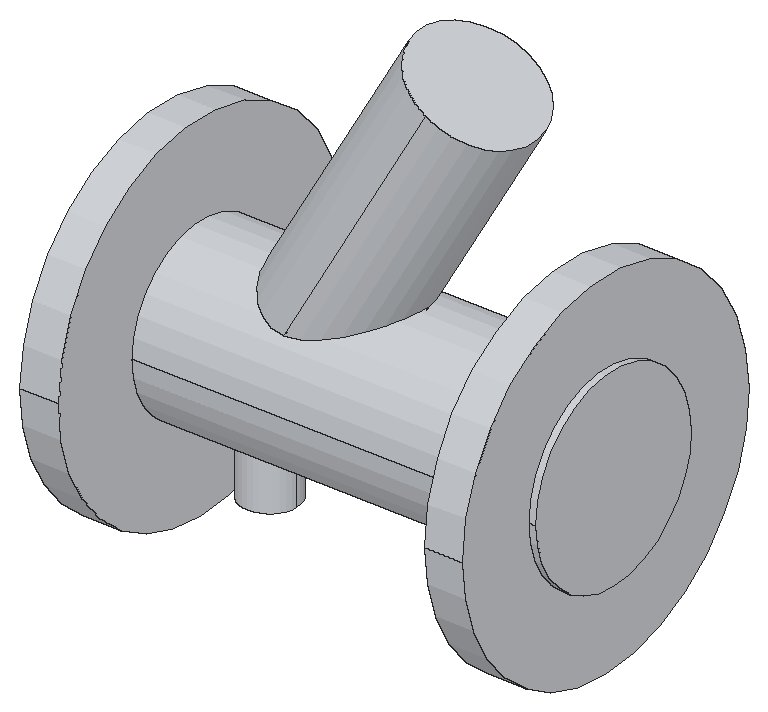
Revit family "HS 821-síto_standard-PN25-DN032-RFA_2019", category Pipe Accessories, Revit 2019
Family settings
  Round Connector Dimension = Use Diameter
  Part Type = Breaks Into
  Work Plane-Based = No
  Always vertical = Yes
  Cut with Voids When Loaded = No
  Shared = No
Parameters (values of type "821D-DN032-PN25-síto_standard")
  magiProductId = "6be9a55c4e68400f94eec7e804204c"
  magiProductFamilyId = "79214ac3aaa945e397802f559f5c1e"
  magiPartTypeId = 307
  isMeasuringValve [instance] = no
  ang2D [instance] = 0.00°
  ZB__ve = -ZB  # -23 mm
  ZB1 = 30.78 mm
  ZB = 23 mm
  X2 = 68.849 mm
  X1 = 25.2 mm
  W2D = 15 mm
  VersionID = "2.0/2017.9.26.1/ZETKAMA_821_001"
  Use Minimum Symbol Size [instance] = yes
  URL = "www.hydronic.cz"
  Type Comments = "Filtr přírubový; síto standardní; A-PN16 (-10~300°C); D-PN25 (-10~350°C); F-PN40 (-10~400°C)"
  S = 76 mm
  QmdConnectorList = "301;D;302;D"
  Productdata [instance] = ""
  Manufacturer = "Hydronic Systems Prague s.r.o."
  MC Product Code = "200 232 (821D; DN032; PN25; kvs23,7; oko síta 1,00mm)"
  LM1 = 14.4 mm
  LM = 144 mm
  L4 = 45 mm
  L2D_Min = 3048 mm
  L2D = 130 mm
  L2 = 90 mm
  HH2 = 119.25 mm
  FD = 140 mm
  Description = "Filtr přírubový; síto standardní; 821A-PN16; 821D-PN25; 821F-PN40"
  DM1 = 50.4 mm
  DM = 68.4 mm
  D = 32 mm
  CC = 3.06 mm
  CAT0 = yes
  C1 = 14.94 mm
  C = 18 mm
  BD = 21.546 mm
Types (40, lengths in mm): name | magiProductId | ZB__ve | ZB1 | ZB | X2 | X1 | S | MC Product Code | LM1 | LM | L4 | L2 | HH2 | FD | DM1 | DM | D | CC | C1 | C | BD
  821A-DN015-PN16-síto_standard | "a71bcfe8b393460598b23e8ddf7dc5" | -16.25 | 18.63 | 16.25 | 46.982 | 18.2 | 46 | "200 115 (821A; DN015; PN16; kvs6,3; oko síta 1,00mm)" | 10.4 | 104 | 32.5 | 65 | 81.375 | 95 | 27.6 | 41.4 | 15 | 2.21 | 10.79 | 13 | 13.041
  821A-DN020-PN16-síto_standard | "41cd6c7a12924f4991217528336076" | -17.75 | 22.68 | 17.75 | 51.673 | 21 | 56 | "200 120 (821A; DN020; PN16; kvs11,2; oko síta 1,00mm)" | 12 | 120 | 37.5 | 75 | 89.5 | 105 | 33.6 | 50.4 | 20 | 2.55 | 12.45 | 15 | 15.876
  821A-DN025-PN16-síto_standard | "be378b463ed14c3abf4c9b3ae8cf3a" | -19.25 | 26.325 | 19.25 | 58.601 | 22.4 | 65 | "200 125 (821A; DN025; PN16; kvs14,7; oko síta 1,00mm)" | 12.8 | 128 | 40 | 80 | 101.5 | 115 | 43.2 | 58.5 | 25 | 2.72 | 13.28 | 16 | 18.427
  821A-DN032-PN16-síto_standard | "227a0d18b21540afabe8b6067d35fa" | -23 | 30.78 | 23 | 68.849 | 25.2 | 76 | "200 132 (821A; DN032; PN16; kvs23,7; oko síta 1,00mm)" | 14.4 | 144 | 45 | 90 | 119.25 | 140 | 50.4 | 68.4 | 32 | 3.06 | 14.94 | 18 | 21.546
  821A-DN040-PN16-síto_standard | "d106917c74724141a10440112d0102" | -24.5 | 34.02 | 24.5 | 75.777 | 28 | 84 | "200 140 (821A; DN040; PN16; kvs37,7; oko síta 1,00mm)" | 16 | 160 | 50 | 100 | 131.25 | 150 | 60 | 75.6 | 40 | 3.4 | 16.6 | 20 | 23.814
  821A-DN050-PN16-síto_standard | "8255d456a09e4f6486734f5dd9171b" | -26.75 | 40.095 | 26.75 | 79.061 | 32.2 | 99 | "200 150 (821A; DN050 PN16; kvs57,9; oko síta 1,00mm)" | 18.4 | 184 | 57.5 | 115 | 136.938 | 165 | 73.8 | 89.1 | 50 | 3.91 | 19.09 | 23 | 28.066
  821A-DN065-PN16-síto_standard | "235b1b3e4c0843779a4d5e3716d40a" | -29.75 | 47.79 | 29.75 | 86.927 | 40.6 | 118 | "200 165 (821A; DN065; PN16; kvs101,5; oko síta 1,25mm)" | 23.2 | 232 | 72.5 | 145 | 150.562 | 185 | 94.2 | 106.2 | 65 | 4.93 | 24.07 | 29 | 33.453
  821A-DN080-PN16-síto_standard | "a067f7c5236348ed8c820d16df7214" | -32 | 53.46 | 32 | 104.753 | 43.4 | 132 | "200 180 (821A; DN080; PN16; kvs147,4; oko síta 1,25mm)" | 24.8 | 248 | 77.5 | 155 | 181.438 | 200 | 107.4 | 118.8 | 80 | 5.27 | 25.73 | 31 | 37.422
  821A-DN100-PN16-síto_standard | "c49a648c2747461285837d643703cd" | -35 | 63.18 | 35 | 114.857 | 49 | 156 | "200 190 (821A; DN100; PN16; kvs209,6; oko síta 1,60mm)" | 28 | 280 | 87.5 | 175 | 198.937 | 220 | 131.4 | 140.4 | 100 | 5.95 | 29.05 | 35 | 44.226
  821A-DN125-PN16-síto_standard | "bf68e728a163493cbd2a663b26ebdc" | -39.5 | 74.52 | 39.5 | 131.888 | 56 | 184 | "200 191 (821A; DN125; PN16; kvs326,2; oko síta 1,60mm)" | 32 | 320 | 100 | 200 | 228.438 | 250 | 165 | 165.6 | 125 | 6.8 | 33.2 | 40 | 52.164
  821A-DN150-PN16-síto_standard | "2de770284b654863ae6bc865769dc5" | -44.75 | 85.455 | 44.75 | 155.885 | 67.2 | 211 | "200 192 (821A; DN150; PN16; kvs403; oko síta 1,60mm)" | 38.4 | 384 | 120 | 240 | 270 | 285 | 192 | 189.9 | 150 | 8.16 | 39.84 | 48 | 59.818
  821A-DN200-PN16-síto_standard | "8e5693371ab64aabb29a7f08c76e15" | -53 | 107.73 | 53 | 188.361 | 84 | 266 | "200 193 (821A; DN200; PN16; kvs707; oko síta 1,60mm)" | 48 | 480 | 150 | 300 | 326.25 | 340 | 252 | 239.4 | 200 | 10.2 | 49.8 | 60 | 75.411
  821A-DN250-PN16-síto_standard | "05e37ed948c34047acdd4c42556504" | -62.75 | 129.195 | 62.75 | 255.911 | 102.2 | 319 | "200 194 (821A; DN250; PN16; kvs1234; oko síta 1,60mm)" | 58.4 | 584 | 182.5 | 365 | 443.25 | 405 | 309.6 | 287.1 | 250 | 12.41 | 60.59 | 73 | 90.436
  821A-DN300-PN16-síto_standard | "9ad0af747269428da925480d83ce80" | -71 | 149.85 | 71 | 325.914 | 119 | 370 | "200 195 (821A; DN300; PN16; kvs1916; oko síta 1,60mm)" | 68 | 680 | 212.5 | 425 | 564.5 | 460 | 369.6 | 333 | 300 | 14.45 | 70.55 | 85 | 104.895
  821A-DN350-PN16-síto_standard | "eebc71459bb3451bb4355e7951370a" | -80 | 173.745 | 80 | 356.875 | 137.2 | 429 | "200 196 (821A; DN350; PN16; kvs2621; oko síta 1,60mm)" | 78.4 | 784 | 245 | 490 | 618.125 | 520 | 438 | 386.1 | 350 | 16.66 | 81.34 | 98 | 121.621
  821A-DN400-PN16-síto_standard | "d2f677cb196647e385b2590e7d8abe" | -89 | 194.4 | 89 | 392.237 | 154 | 480 | "200 197 (821A; DN400; PN16; kvs3460; oko síta 1,60mm)" | 88 | 880 | 275 | 550 | 679.375 | 580 | 498 | 432 | 400 | 18.7 | 91.3 | 110 | 136.08
  821D-DN015-PN25-síto_standard | "27ddcbf555414f8ca1fde329bf9087" | -16.25 | 18.63 | 16.25 | 46.982 | 18.2 | 46 | "200 215 (821D; DN015; PN25; kvs6,3; oko síta 1,00mm)" | 10.4 | 104 | 32.5 | 65 | 81.375 | 95 | 27.6 | 41.4 | 15 | 2.21 | 10.79 | 13 | 13.041
  821D-DN020-PN25-síto_standard | "270e0f14012f47189cd0235c18faee" | -17.75 | 22.68 | 17.75 | 51.673 | 21 | 56 | "200 220 (821D; DN020; PN25; kvs11,2; oko síta 1,00mm)" | 12 | 120 | 37.5 | 75 | 89.5 | 105 | 33.6 | 50.4 | 20 | 2.55 | 12.45 | 15 | 15.876
  821D-DN025-PN25-síto_standard | "b9a7fb4aa36643878c637d8e1ab992" | -19.25 | 26.325 | 19.25 | 58.601 | 22.4 | 65 | "200 225 (821D; DN025; PN25; kvs14,7; oko síta 1,00mm)" | 12.8 | 128 | 40 | 80 | 101.5 | 115 | 43.2 | 58.5 | 25 | 2.72 | 13.28 | 16 | 18.427
  821D-DN032-PN25-síto_standard | "6be9a55c4e68400f94eec7e804204c" | -23 | 30.78 | 23 | 68.849 | 25.2 | 76 | "200 232 (821D; DN032; PN25; kvs23,7; oko síta 1,00mm)" | 14.4 | 144 | 45 | 90 | 119.25 | 140 | 50.4 | 68.4 | 32 | 3.06 | 14.94 | 18 | 21.546
  821D-DN040-PN25-síto_standard | "c54511bd7f584ec2984291479612cb" | -24.5 | 34.02 | 24.5 | 75.777 | 28 | 84 | "200 240 (821D; DN040; PN25; kvs37,7; oko síta 1,00mm)" | 16 | 160 | 50 | 100 | 131.25 | 150 | 60 | 75.6 | 40 | 3.4 | 16.6 | 20 | 23.814
  821D-DN050-PN25-síto_standard | "5483b1f596b04cd39b23a14a22c90e" | -26.75 | 40.095 | 26.75 | 79.061 | 32.2 | 99 | "200 250 (821D; DN050; PN25; kvs57,9; oko síta 1,00mm)" | 18.4 | 184 | 57.5 | 115 | 136.938 | 165 | 73.8 | 89.1 | 50 | 3.91 | 19.09 | 23 | 28.066
  821D-DN065-PN25-síto_standard | "767b0f8318e94750bc7a9930ed5b30" | -29.75 | 47.79 | 29.75 | 86.927 | 40.6 | 118 | "200 265 (821D; DN065; PN25; kvs101,5; oko síta 1,25mm)" | 23.2 | 232 | 72.5 | 145 | 150.562 | 185 | 94.2 | 106.2 | 65 | 4.93 | 24.07 | 29 | 33.453
  821D-DN080-PN25-síto_standard | "e21040fa3cc2404b858198f6b73709" | -32 | 53.46 | 32 | 104.753 | 43.4 | 132 | "200 280 (821D; DN080; PN25; kvs147,4; oko síta 1,25mm)" | 24.8 | 248 | 77.5 | 155 | 181.438 | 200 | 107.4 | 118.8 | 80 | 5.27 | 25.73 | 31 | 37.422
  821D-DN100-PN25-síto_standard | "175ca87a506b40b3bc6b82f12f33cf" | -37.25 | 63.18 | 37.25 | 114.857 | 49 | 156 | "200 290 (821D; DN100; PN25; kvs209,6; oko síta 1,60mm)" | 28 | 280 | 87.5 | 175 | 198.937 | 235 | 131.4 | 140.4 | 100 | 5.95 | 29.05 | 35 | 44.226
  821D-DN125-PN25-síto_standard | "77cc98d60da24855999a22dff726b2" | -42.5 | 74.52 | 42.5 | 131.888 | 56 | 184 | "200 291 (821D; DN125; PN25; kvs326,2; oko síta 1,60mm)" | 32 | 320 | 100 | 200 | 228.438 | 270 | 165 | 165.6 | 125 | 6.8 | 33.2 | 40 | 52.164
  821D-DN150-PN25-síto_standard | "9cf8acfcd15547d68e83172d3abcbe" | -47 | 85.455 | 47 | 155.885 | 67.2 | 211 | "200 292 (821D; DN150; PN25; kvs403; oko síta 1,60mm)" | 38.4 | 384 | 120 | 240 | 270 | 300 | 192 | 189.9 | 150 | 8.16 | 39.84 | 48 | 59.818
  821D-DN200-PN25-síto_standard | "16973f3c9ea14389ba8602495a6b64" | -56 | 110.97 | 56 | 188.361 | 84 | 274 | "200 293 (821D; DN200; PN25; kvs707; oko síta 1,60mm)" | 48 | 480 | 150 | 300 | 326.25 | 360 | 252 | 246.6 | 200 | 10.2 | 49.8 | 60 | 77.679
  821F-DN015-PN40-síto_standard | "4c7eaf3c4c0340888b3e684d8a8616" | -16.25 | 18.225 | 16.25 | 46.982 | 18.2 | 45 | "240 615 (821F; DN015; PN40; kvs6,3; oko síta 1,00mm)" | 10.4 | 104 | 32.5 | 65 | 81.375 | 95 | 27.6 | 40.5 | 15 | 2.21 | 10.79 | 13 | 12.757
  821F-DN020-PN40-síto_standard | "aaac5f1ec96b44d6ba96ac2293d66d" | -17.75 | 23.49 | 17.75 | 51.673 | 21 | 58 | "240 620 (821F; DN020; PN40; kvs11,2; oko síta 1,00mm)" | 12 | 120 | 37.5 | 75 | 89.5 | 105 | 33.6 | 52.2 | 20 | 2.55 | 12.45 | 15 | 16.443
  821F-DN025-PN40-síto_standard | "504768023968471481789485b54c7e" | -19.25 | 27.54 | 19.25 | 58.601 | 22.4 | 68 | "240 625 (821F; DN025; PN40; kvs14,7; oko síta 1,00mm)" | 12.8 | 128 | 40 | 80 | 101.5 | 115 | 43.2 | 61.2 | 25 | 2.72 | 13.28 | 16 | 19.278
  821F-DN032-PN40-síto_standard | "165e7f39cf744f329bdf1c400dad12" | -23 | 31.59 | 23 | 68.849 | 25.2 | 78 | "240 632 (821F; DN032; PN40; kvs23,7; oko síta 1,00mm)" | 14.4 | 144 | 45 | 90 | 119.25 | 140 | 50.4 | 70.2 | 32 | 3.06 | 14.94 | 18 | 22.113
  821F-DN040-PN40-síto_standard | "b8903f952089408fbf3a5a632bab1f" | -24.5 | 35.64 | 24.5 | 75.777 | 28 | 88 | "240 640 (821F; DN040; PN40; kvs37,7; oko síta 1,00mm)" | 16 | 160 | 50 | 100 | 131.25 | 150 | 60 | 79.2 | 40 | 3.4 | 16.6 | 20 | 24.948
  821F-DN050-PN40-síto_standard | "c451f97266fe48da8f879cb6a2bd44" | -26.75 | 41.31 | 26.75 | 79.061 | 32.2 | 102 | "240 650 (821F; DN050; PN40; kvs57,9; oko síta 1,00mm)" | 18.4 | 184 | 57.5 | 115 | 136.938 | 165 | 73.8 | 91.8 | 50 | 3.91 | 19.09 | 23 | 28.917
  821F-DN065-PN40-síto_standard | "dc9821e3f9b34e128f6a8c6b34c198" | -29.75 | 49.41 | 29.75 | 86.927 | 40.6 | 122 | "240 665 (821F; DN065; PN40; kvs101,5; oko síta 1,25mm)" | 23.2 | 232 | 72.5 | 145 | 150.562 | 185 | 94.2 | 109.8 | 65 | 4.93 | 24.07 | 29 | 34.587
  821F-DN080-PN40-síto_standard | "689aa1e260f84cf4994f027a1d86b5" | -32 | 55.89 | 32 | 104.753 | 43.4 | 138 | "240 680 (821F; DN080; PN40; kvs147,4; oko síta 1,25mm)" | 24.8 | 248 | 77.5 | 155 | 181.438 | 200 | 107.4 | 124.2 | 80 | 5.27 | 25.73 | 31 | 39.123
  821F-DN100-PN40-síto_standard | "8a45d4e8e2ab425f8c432f21d684f3" | -37.25 | 65.61 | 37.25 | 114.857 | 49 | 162 | "240 690 (821F; DN100; PN40; kvs209,6; oko síta 1,6mm)" | 28 | 280 | 87.5 | 175 | 198.937 | 235 | 131.4 | 145.8 | 100 | 5.95 | 29.05 | 35 | 45.927
  821F-DN125-PN40-síto_standard | "cf073904c006406b8645afa67ea2fc" | -42.5 | 76.14 | 42.5 | 131.888 | 56 | 188 | "240 691 (821F; DN125; PN40; kvs326,2; oko síta 1,6mm)" | 32 | 320 | 100 | 200 | 228.438 | 270 | 165 | 169.2 | 125 | 6.8 | 33.2 | 40 | 53.298
  821F-DN150-PN40-síto_standard | "0153b9ddabe14992a630484929fdbc" | -47 | 88.29 | 47 | 155.885 | 67.2 | 218 | "240 692 (821F; DN150; PN40; kvs403; oko síta 1,6mm)" | 38.4 | 384 | 120 | 240 | 270 | 300 | 192 | 196.2 | 150 | 8.16 | 39.84 | 48 | 61.803
  821F-DN200-PN40-síto_standard | "7fb3fc01dd8d42428c203e3f8dd4d5" | -56 | 115.425 | 56 | 188.361 | 84 | 285 | "240 693 (821F; DN200; PN40; kvs707; oko síta 1,6mm)" | 48 | 480 | 150 | 300 | 326.25 | 360 | 252 | 256.5 | 200 | 10.2 | 49.8 | 60 | 80.797
Reference planes
  plane 1 "Center (Front/Back)": y = 0
  plane 2 "XYPLANE": z = 0
  plane 3 "Center (Left/Right)": x = 0
  plane 4 "109": x = -57.6
  plane 5 "108": x = 72
  plane 6 "107": x = -72
  plane 7 "105": x = 90
  plane 8 "104": x = -90
  plane 9 "103": y = 0
  plane 10 "102": z = 0
  plane 11 "101": x = -86.94
  plane 12 "100": x = 86.94
  plane 13 "11": x = -32.4
  plane 14 "10": z = 119.25
  plane 15 "9": x = 36.449
  plane 16 "5": z = -30.78
  plane 17 "4": x = -45
  plane 18 "1": x = 45
Forms (mm)
  Extrusion 1, solid, visible <- "CAT0"
    sketch origin (-72, -750, 0) x (0, 1, 0) y (0, 0, 1)
      loop
        circle (750, 0) r 34.2
    from 0 to 144 <- "LM"
  Extrusion 2, solid
    sketch origin (-90, -750, 0) x (0, 1, 0) y (0, 0, 1)
      loop
        circle (750, 0) r 38
    from 0 to 3.06 <- "CC"
  Extrusion 3, solid
    sketch origin (-86.94, -750, 0) x (0, 1, 0) y (0, 0, 1)
      loop
        circle (750, 0) r 70
    from 0 to 14.94 <- "C1"
  Extrusion 4, solid
    sketch origin (72, -750, 0) x (0, 1, 0) y (0, 0, 1)
      loop
        circle (750, 0) r 70
    from 0 to 14.94 <- "C1"
  Extrusion 5, solid
    sketch origin (86.94, -750, 0) x (0, 1, 0) y (0, 0, 1)
      loop
        circle (750, 0) r 38
    from 0 to 3.06 <- "CC"
  Sweep 6, solid, visible <- "CAT0"
    path origin (750, 0, 0) x (-1, 0, 0) y (0, 0, 1)
      loop
        line (822, 0) -> (782.4, 0) -> (713.551, 119.25)
    profile origin (-72, 0, 0) x (0, 0, -1) y (0, 1, 0)
      loop
        circle (0, 0) r 25.2
  Extrusion 7, solid, visible <- "CAT0"
    sketch origin (-750, 0, -30.78) x (1, 0, 0) y (0, 1, 0)
      loop
        circle (705, 0) r 10.773
    from 0 to -23 <- "ZB__ve"
  Extrusion 8, solid, visible <- "CAT0"
    sketch origin (-750, 0, -30.78) x (1, 0, 0) y (0, 1, 0)
      loop
        circle (795, 0) r 10.773
    from 0 to -23 <- "ZB__ve"
  Extrusion 9, solid, not visible
    sketch origin (90, -750, 0) x (0, 1, 0) y (0, 0, 1)
      loop
        circle (750, 0) r 10
    from 0 to -10
  Extrusion 10, solid, not visible
    sketch origin (-90, -750, 0) x (0, 1, 0) y (0, 0, 1)
      loop
        circle (750, 0) r 10
    from 0 to 10
Lines and regions (mm)
  reference lines, not visible
    curve 1: circle (2, 2, 0) r 1 normal (0, 0, 1)
Dimensions and locks
  plane 1 "Center (Front/Back)" to curve 1 = 2 mm
  "LM1": plane 6 "107" to plane 4 "109"
  "LM": plane 6 "107" to plane 5 "108"
  "C": plane 8 "104" to plane 6 "107"
  "L2": plane 3 "Center (Left/Right)" to plane 7 "105"
  "L2": plane 3 "Center (Left/Right)" to plane 8 "104"
  locked: plane 1 "Center (Front/Back)" to plane 9 "103"
  locked: plane 2 "XYPLANE" to plane 10 "102"
  "CC": plane 8 "104" to plane 11 "101"
  "C1": plane 5 "108" to plane 12 "100"
  "X1": plane 4 "109" to plane 13 "11"
  "HH2": plane 2 "XYPLANE" to plane 14 "10"
  "X2": plane 13 "11" to plane 15 "9"
  "ZB1": plane 2 "XYPLANE" to plane 16 "5"
  "L4": plane 8 "104" to plane 17 "4"
  "L2": plane 17 "4" to plane 18 "1"
  Sweep 6 sketch curve to Sweep 6 sketch curve = 0 mm  (x2)
  "DM": diameter of Extrusion 1 sketch curve
  "S": diameter of Extrusion 2 sketch curve
  "FD": diameter of Extrusion 3 sketch curve
  "FD": diameter of Extrusion 4 sketch curve
  "S": diameter of Extrusion 5 sketch curve
  "DM1": diameter of Sweep 6 sketch curve
  "BD": diameter of Extrusion 7 sketch curve
  "BD": diameter of Extrusion 8 sketch curve
  aligned and locked: level to plane 2 "XYPLANE"
  aligned and locked: Extrusion 1 sketch curve to plane 9 "103"
  aligned and locked: plane 10 "102" to Extrusion 1 sketch curve
  aligned and locked: Extrusion 2 sketch curve to plane 9 "103"
  aligned and locked: plane 10 "102" to Extrusion 2 sketch curve
  aligned and locked: Extrusion 3 sketch curve to plane 9 "103"
  aligned and locked: plane 10 "102" to Extrusion 3 sketch curve
  aligned and locked: Extrusion 4 sketch curve to plane 9 "103"
  aligned and locked: plane 10 "102" to Extrusion 4 sketch curve
  aligned and locked: Extrusion 5 sketch curve to plane 9 "103"
  aligned and locked: plane 10 "102" to Extrusion 5 sketch curve
  aligned and locked: Sweep 6 sketch curve to plane 9 "103"
  aligned and locked: plane 10 "102" to Sweep 6 sketch curve  (x3)
  aligned and locked: plane 6 "107" to Sweep 6 sketch curve
  aligned and locked: plane 13 "11" to Sweep 6 sketch curve
  aligned and locked: plane 14 "10" to Sweep 6 sketch curve
  aligned and locked: plane 15 "9" to Sweep 6 sketch curve
  aligned and locked: plane 9 "103" to Extrusion 7 sketch curve
  aligned and locked: plane 17 "4" to Extrusion 7 sketch curve
  aligned and locked: plane 9 "103" to Extrusion 8 sketch curve
  aligned and locked: plane 18 "1" to Extrusion 8 sketch curve
  aligned and locked: Extrusion 9 sketch curve to plane 9 "103"
  aligned and locked: plane 10 "102" to Extrusion 9 sketch curve
  aligned and locked: Extrusion 10 sketch curve to plane 9 "103"
  aligned and locked: plane 10 "102" to Extrusion 10 sketch curve
Automatic sketch dimensions
  plane 1 "Center (Front/Back)" to Extrusion 9 sketch curve = 10 mm
  plane 1 "Center (Front/Back)" to Extrusion 10 sketch curve = 10 mm
  plane 3 "Center (Left/Right)" to curve 1 = 2 mm
  radius of curve 1 = 1 mm
Connectors
  piping at (-90, 0, 0), diameter 32, driven by "D"
    settings: on Extrusion 10, index 1, connector inside diameter 609.6 mm, connector length 0 mm, flow factor 0, pipe flow 0.0 L/s, pressure drop 0.0 Pa, fitting loss kfactor 0, connector angle 0.00°, fixture units 0, engagement length 0 mm, angle of deflection 0.00°, flow configuration 0, flow direction 0, fitting loss method 0, system type 29, joint type 0, gender type 0, connector reference index 2, connector utility 0, adjustable connector no, is connector primary yes, connector description ""
  piping at (90, 0, 0), diameter 32, driven by "D"
    settings: on Extrusion 9, index 2, connector inside diameter 609.6 mm, connector length 0 mm, flow factor 0, pipe flow 0.0 L/s, pressure drop 0.0 Pa, fitting loss kfactor 0, connector angle 0.00°, fixture units 0, engagement length 0 mm, angle of deflection 0.00°, flow configuration 0, flow direction 0, fitting loss method 0, system type 29, joint type 0, gender type 0, connector reference index 1, connector utility 0, adjustable connector no, is connector primary no, connector description ""
